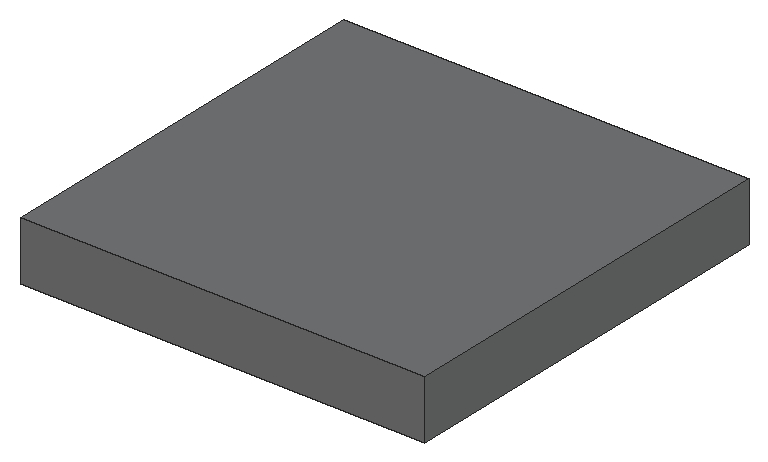
Revit family "Gira_027603", category Electrical Fixtures, host Face, Revit 2017
Family settings
  Host = Face
  Maintain Annotation Orientation = No
  Round Connector Dimension = Use Diameter
  Part Type = Normal
  Cut with Voids When Loaded = No
  Shared = No
  Room Calculation Point = No
Parameters (values of type "Cov. TAE USB System 55 p.white")
  URL = "http://katalog.gira.de/en/datenblatt.html?artikelnr=027603"
  Transparent = "No"
  Name = "Cov. TAE USB System 55 p.white"
  Manufacturer URL = "https://www.gira.de/"
  Manufacturer = "Gira"
  Keynote = ""
  HeinzeBIM = "https://bimportal.heinze.de/bim/cov-tae-usb-system-55-p-white/237cd89e0bfc41bd64ec18eb60aac1d1c5042dfd"
  HAN = "027603"
  GTIN = "4010337276036"
  Description = "Cov.TAE USB Sys55 PW,Cover for USB data interface,,pure white glossy,Notes :,- Suitable for USB power supply.,- Suitable for USB data interface."
  Default Elevation = 1219.2 mm
  Data sheet (1) = "https://katalog.gira.de/en/download.html?artikelnr=027603"
  Category = "Insert/cover for communication technology"
  BIM (1) = "https://media.stage.bim.site/public/gira/36a6b08/Sys55_Abdeckung_Schalten und Tasten.rfa?public/gira/36a6b08/Sys55_Abdeckung_Schalten und Tasten.rfa"
  Available = "No"
  Anthrazit [instance] = Anthrazit
Reference planes
  plane 1 "Center (Front/Back)": y = 0
  plane 2: z = 0
  plane 3 "Center (Left/Right)": x = 0
Forms (mm)
  Extrusion 1, solid, material "Anthrazit" <- "Anthrazit", detail levels fine
    sketch origin (0, 0, 0) x (1, 0, 0) y (0, 1, 0)
      loop
        line (-27.5, 27.5) -> (-27.5, -27.5) -> (27.5, -27.5) -> (27.5, 27.5) -> (-27.5, 27.5)
    from 0 to 8
  Extrusion 2, void
    sketch origin (0, 0, 0) x (1, 0, 0) y (0, 1, 0)
      loop
        line (26, 26) -> (-26, 26) -> (-26, -26) -> (26, -26) -> (26, 26)
    from 0 to 6
  Extrusion 3, solid, material "Anthrazit" <- "Anthrazit", detail levels medium
    sketch origin (0, 0, 0) x (1, 0, 0) y (0, 1, 0)
      loop
        line (-27.5, 27.5) -> (-27.5, -27.5) -> (27.5, -27.5) -> (27.5, 27.5) -> (-27.5, 27.5)
    from 0 to 8
  Extrusion 4, solid, material "Anthrazit" <- "Anthrazit", detail levels medium
    sketch origin (0, 0, 0) x (1, 0, 0) y (0, 1, 0)
      loop
        line (11, -17.5) -> (11, 17.5) -> (-11, 17.5) -> (-11, -17.5) -> (11, -17.5)
    from -6 to 6
  Extrusion 5, solid, material "Anthrazit" <- "Anthrazit", detail levels fine
    sketch origin (0, 0, 0) x (1, 0, 0) y (0, 1, 0)
      loop
        line (11, 17.5) -> (-11, 17.5) -> (-11, 16.5) -> (11, 16.5) -> (11, 17.5)
      loop
        line (-11, -16.5) -> (-11, -17.5) -> (11, -17.5) -> (11, -16.5) -> (-11, -16.5)
    from -4 to 6
  Extrusion 6, solid, material "Anthrazit" <- "Anthrazit", detail levels fine
    sketch origin (0, 0, 0) x (1, 0, 0) y (0, 1, 0)
      loop
        arc (5, 9.347) -> (0, 10.6) -> (-5, 9.347) r 10.6
        line (-5, 9.347) -> (-5, -9.347)
        arc (-5, -9.347) -> (0, -10.6) -> (5, -9.347) r 10.6
        line (5, -9.347) -> (5, 9.347)
    from -6 to 6
  Extrusion 7, solid, material "Anthrazit" <- "Anthrazit", detail levels coarse
    sketch origin (0, 0, 0) x (1, 0, 0) y (0, 1, 0)
      loop
        line (-27.5, 27.5) -> (-27.5, -27.5) -> (27.5, -27.5) -> (27.5, 27.5) -> (-27.5, 27.5)
    from -6 to 8
Cuts and joins
  Extrusion 2 cuts Extrusion 1
Dimensions and locks
  aligned and locked: plane 2 to host face
  aligned and locked: level to host face
